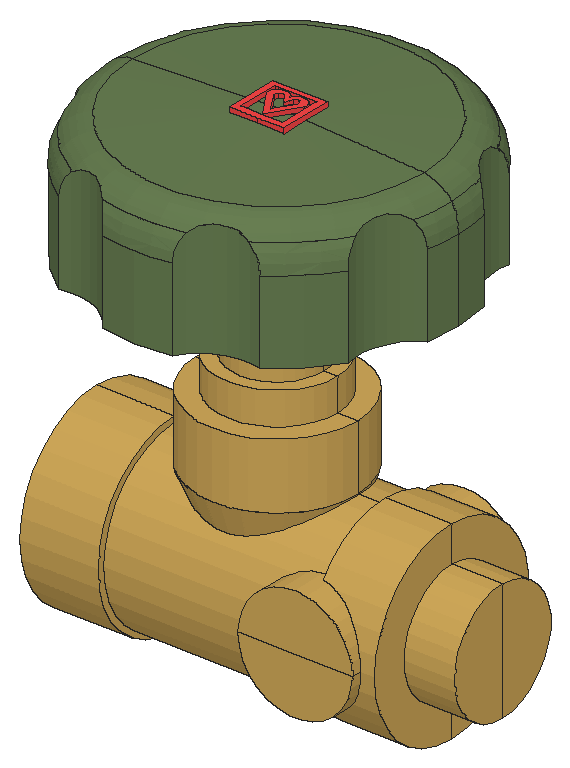
Revit family "Absperrventil 4215 W IG-AG", category Rohrzubehör, Revit 2018
Family settings
  Bemaßung runder Anschluss = Durchmesser verwenden
  Teiletyp = Unterbricht
  OmniClass-Nummer = 23.65.55.14
  OmniClass-Titel = Valves for Liquid Services
  Arbeitsebenenbasiert = Nein
  Immer vertikal = Ja
  Beim Laden mit Abzugskörper schneiden = Nein
  Gemeinsam genutzt = Nein
Parameters
  URL = "www.herz-armaturen.at"
  T01 = 17.5 mm  # constant formula
  SC_NennweiteBerechnet = 0
  SC_Dimension = ""
  SCTWSEQ = "FW;SBT_TYP_FW=\"106\";2"
  SCTWCODE = "04;01;02"  # constant formula
  S03 = 60 mm  # constant formula
  S02 [instance] = H01 + H02 + H03  # 46 mm
  S01 [instance] = R01 * 2  # 32 mm
  R09 [instance] = Nennweite Aus / 2  # 10 mm
  R08 [instance] = size_lookup("4215W_", "R8", 9.5 mm, Nennweite)  # 9.5 mm
  R07 = 3 mm  # constant formula
  R06 [instance] = size_lookup("4215W_", "R6", 7.8 mm, Nennweite)  # 7.8 mm
  R05 [instance] = size_lookup("4215W_", "R5", 10.1 mm, Nennweite)  # 10.1 mm
  R04 [instance] = size_lookup("4215W_", "R4", 13.5 mm, Nennweite)  # 13.5 mm
  R03 = 15 mm  # constant formula
  R02 [instance] = Nennweite / 2  # 7.5 mm
  R01 = 16 mm  # constant formula
  Nennweite Aus [instance] = 20 mm  # constant formula
  Nennweite [instance] = 15 mm  # constant formula
  Min. Durchfluss bei Dp 10 kPa [instance] = if(Nennweite = 15 mm, 0.2, if(Nennweite = 20 mm, 0.4, if(Nennweite = 25 mm, 0.7, if(Nennweite = 32 mm, 1.2, if(Nennweite = 40 mm, 1.6, if(Nennweite = 50 mm, 2.7, 0))))))  # 0.2
  Medium = "Trinkwasser"  # constant formula
  Max. Differenzdruck auf geschlossenen Sitz = 1000000.0 Pa  # constant formula
  Max. Betriebstemperatur = 90 °C  # constant formula
  Max. Betriebsdruck = 1000000.0 Pa  # constant formula
  L06 = 18 mm  # constant formula
  L05 = 8.5 mm  # constant formula
  L04 = 37.5 mm  # constant formula
  L03 = 17 mm  # constant formula
  L02 = 12 mm  # constant formula
  L01 = 13 mm  # constant formula
  L00 = 30 mm  # constant formula
  Hinweis = "Gemäß Art 33 der REACH-Verordnung (EG Nr. 1907/2006) sind wir verpflichtet, darauf hinzuweisen, dass der Stoff Blei auf der SVHC-Liste geführt wird und dass alle aus Messing bestehenden Bauteile, die in unseren Erzeugnissen verarbeitet sind, mehr als 0,1 % (w/w) Blei (CAS: 7439-92-1 / EINECS: 231-100-4) enthalten.\r\nDa Blei als Legierungsbestandteil fest gebunden ist, sind keine Expositionen zu erwarten und daher sind keine zusätzlichen Angaben zur sicheren Verwendung notwendig."
  Hersteller = "HERZ Armaturen Ges.m.b.H"  # constant formula
  Handrad = "Kunststoff, grün"  # constant formula
  H04 = 21 mm  # constant formula
  H03 = 14.6 mm  # constant formula
  H02 = 5.4 mm  # constant formula
  H01 = 26 mm  # constant formula
  H00 [instance] = H01 + H02 + H03  # 46 mm
  Gehäuse = "entzinkungsbeständiges Messing nach EN1982"  # constant formula
  O-Ringe = "EPDM"  # constant formula
  Bestellnummer = 2412561  # constant formula
  Anwendungsgebiet = "Zum Absperren von Trinkwasserleitungen und -anlagen in Gebäuden"
Reference planes
  plane 1 "Mitte (Vorne/hinten)": y = 0
  plane 2: z = 0
  plane 3 "Mitte (Links/rechts)": x = 0
Forms (mm)
  Revolve 1, solid, material "Messing, weicher Gelbton, geschweißt", detail levels fine
    sketch origin (470, 0, 0) x (1, 0, 0) y (0, 0, 1)
      loop
        line (-500, 7.5) -> (-488, 7.5) -> (-488, 0) -> (-432.5, 0) -> (-432.5, 10) -> (-441, 10) -> (-441, 16) -> (-452, 16) -> (-452, 15) -> (-487, 15) -> (-487, 16) -> (-500, 16) -> (-500, 7.5)
      axis (-500, 0) -> (-432.5, 0)
    angle from 0 to 360
  Revolve 2, solid, material "Messing, weicher Gelbton, geschweißt", detail levels fine
    sketch origin (0, 0, 0) x (1, 0, 0) y (0, 0, 1)
      loop
        line (0, 0) -> (0, 46) -> (-7.8, 46) -> (-7.8, 31.4) -> (-10.1, 31.4) -> (-10.1, 26) -> (-13.5, 26) -> (-13.5, 15) -> (-7.5, 0) -> (0, 0)
      axis (0, 46) -> (0, 0)
    angle from 0 to 360
  Revolve 3, solid, material "Messing, weicher Gelbton, geschweißt", detail levels fine
    sketch origin (0, 0, 0) x (1, 0, 0) y (0, 1, 0)
      loop
        line (17, -17.5) -> (26.5, -17.5) -> (26.5, -7.5) -> (20, -7.5) -> (20, 7.5) -> (26.5, 7.5) -> (26.5, 17.5) -> (17, 17.5) -> (17, -17.5)
      axis (17, 17.5) -> (17, -17.5)
    angle from 0 to 360
Lines and regions (mm)
  model lines, detail levels coarse+medium
    curve 1: line (-30, 0, 16) -> (-30, 0, -16)
    curve 2: line (-30, 0, -16) -> (37.5, 0, 16)
    curve 3: line (37.5, 0, 16) -> (37.5, 0, -16)
    curve 4: line (37.5, 0, -16) -> (-30, 0, 16)
    curve 5: line (3.75, 0, 0) -> (3.75, 0, 46)
    curve 6: line (-26.25, 0, 46) -> (33.75, 0, 46)
    curve 7: line (-30, -16, 0) -> (-30, 16, 0)
    curve 8: line (-30, 16, 0) -> (37.5, -16, 0)
    curve 9: line (37.5, -16, 0) -> (37.5, 16, 0)
    curve 10: line (37.5, 16, 0) -> (-30, -16, 0)
    curve 11: line (3.75, 0, 0) -> (3.75, 46, 0)
    curve 12: line (-26.25, 46, 0) -> (33.75, 46, 0)
Dimensions and locks
  "R01": Revolve 1 sketch curve to Revolve 1 sketch curve  (x2)
  "R02": Revolve 1 sketch curve to Revolve 1 sketch curve
  "L01": Revolve 1 sketch curve to Revolve 1 sketch curve
  "L02": Revolve 1 sketch curve to Revolve 1 sketch curve
  "R03": Revolve 1 sketch curve to Revolve 1 sketch curve
  "R03": Revolve 2 sketch curve to Revolve 2 sketch curve
  "R02": Revolve 2 sketch curve to Revolve 2 sketch curve
  "R04": Revolve 2 sketch curve to Revolve 2 sketch curve
  "R05": Revolve 2 sketch curve to Revolve 2 sketch curve
  "R06": Revolve 2 sketch curve to Revolve 2 sketch curve
  "H01": Revolve 2 sketch curve to plane 2
  "T01": Revolve 3 sketch curve to plane 1 "Mitte (Vorne/hinten)" to Revolve 3 sketch curve
  "R02": Revolve 3 sketch curve to plane 1 "Mitte (Vorne/hinten)"
  "R02": plane 1 "Mitte (Vorne/hinten)" to Revolve 3 sketch curve
  "R07": Revolve 3 sketch curve to Revolve 3 sketch curve
  "R08": Revolve 3 sketch curve to Revolve 3 sketch curve
  "H02": Revolve 2 sketch curve to Revolve 2 sketch curve
  "H03": Revolve 2 sketch curve to Revolve 2 sketch curve
  "L00": plane 3 "Mitte (Links/rechts)" to Revolve 1 sketch curve
  "L04": Revolve 1 sketch curve to plane 3 "Mitte (Links/rechts)"
  "R09": Revolve 1 sketch curve to Revolve 1 sketch curve
  "L03": plane 3 "Mitte (Links/rechts)" to Revolve 3 sketch curve
  "L05": Revolve 1 sketch curve to Revolve 1 sketch curve
  "L06": Revolve 1 sketch curve to plane 3 "Mitte (Links/rechts)"
  "H00": nested 1 to plane 2
  "H04": nested 2 to Revolve 2
  equal spacing: curve 3, plane 2, curve 4
  "S01": curve 3 to curve 4
  equal spacing: curve 4, plane 2, curve 2
  "S01": curve 2 to curve 4
  "L00": curve 1 to plane 3 "Mitte (Links/rechts)"
  "L04": plane 3 "Mitte (Links/rechts)" to curve 3
  equal spacing: Revolve 1, curve 5, curve 3
  "S02": curve 5 to plane 2
  equal spacing: curve 6, curve 5, curve 6
  "S03": curve 6 to curve 6
  equal spacing: curve 10, plane 1 "Mitte (Vorne/hinten)", curve 8
  equal spacing: curve 9, plane 1 "Mitte (Vorne/hinten)", curve 10
  "S01": curve 8 to curve 7
  "S01": curve 10 to curve 9
  "L04": plane 3 "Mitte (Links/rechts)" to curve 9
  "L00": curve 7 to plane 3 "Mitte (Links/rechts)"
  equal spacing: curve 12, curve 11, curve 12
  equal spacing: curve 7, curve 11, curve 9
  "S03": curve 12 to curve 12
  "S02": plane 1 "Mitte (Vorne/hinten)" to curve 11
  aligned and locked: level to plane 2
Automatic sketch dimensions
  Revolve 1 sketch curve to level = 0 mm  (x2)
  Revolve 1 sketch curve to Revolve 1 sketch curve = 791.99 mm
  Revolve 1 sketch curve to Revolve 1 sketch curve = 2278.983 mm
  Revolve 2 sketch curve to level = 0 mm
  Revolve 2 sketch curve to plane 3 "Mitte (Links/rechts)" = 0 mm  (x2)
  Revolve 2 sketch curve to level = 366.045 mm
  Revolve 2 sketch curve to Revolve 2 sketch curve = 2165.278 mm
  Revolve 3 sketch curve to Revolve 3 sketch curve = 9.5 mm
  Revolve 3 sketch curve to Revolve 3 sketch curve = 0 mm
  Revolve 3 sketch curve to Revolve 3 sketch curve = 4.553 mm
  Revolve 3 sketch curve to Revolve 3 sketch curve = 3.768 mm
Nested families
  nested 1: "Strömax-Handrad (Grün)" at (0.258, 0, 46), type "Strömax-Handrad (Grün)", detail levels fine
    with Nennweite 0 mm, Gewicht 0.00 kg, Bestellnummer 0
  nested 2: "Herz-Logo" at (0.258, 0, 67), type "Herz-Logo", detail levels fine
Connectors
  piping at (-18, 0, 0), diameter 15, driven by "Nennweite"
    settings: on Revolve 1, index 1, connector inside diameter 609.6 mm, connector length 0 mm, flow factor 0, pipe flow 0.0 L/s, pressure drop 0.0 Pa, fitting loss kfactor 0, connector angle 0.00°, fixture units 0, engagement length 0 mm, angle of deflection 0.00°, flow configuration 0, flow direction 1, fitting loss method 0, system type 29, joint type 0, gender type 0, connector reference index -1, connector utility 0, adjustable connector no, is connector primary yes, connector description ""
  piping at (37.5, 0, 0), diameter 20, driven by "Nennweite Aus"
    settings: on Revolve 1, index 2, connector inside diameter 609.6 mm, connector length 0 mm, flow factor 0, pipe flow 0.0 L/s, pressure drop 0.0 Pa, fitting loss kfactor 0, connector angle 0.00°, fixture units 0, engagement length 0 mm, angle of deflection 0.00°, flow configuration 0, flow direction 2, fitting loss method 0, system type 29, joint type 0, gender type 0, connector reference index -1, connector utility 0, adjustable connector no, is connector primary no, connector description ""
Definition of nested family "Strömax-Handrad (Grün)"
  Parameters (values of type "Strömax-Handrad (Grün)")
    URL = "www.herz-armaturen.at"
    Nennweite [instance] = 0 mm
    Manufacturer = "Herz Armaturen GmbH"  # constant formula
    Gewicht [instance] = 0.00 kg
    Bestellnummer [instance] = 0
  Reference planes
    plane 1 "Mitte (Vorne/hinten)": y = 0
    plane 2: z = 0
    plane 3 "Mitte (Links/rechts)": x = 0
  Forms (mm)
    Revolve 1, solid
      sketch origin (0, 0, 0) x (1, 0, 0) y (0, 0, 1)
        loop
          line (0, 0) -> (0, 22)
          arc (0, 22) -> (-12.15, 21.705) -> (-24.271, 20.819) r 250
          arc (-24.271, 20.819) -> (-26.831, 19.959) -> (-28.754, 18.063) r 6
          arc (-28.754, 18.063) -> (-29.682, 16.008) -> (-30, 13.776) r 8
          line (-30, 13.776) -> (-30, 0) -> (0, 0)
        axis (0, 22) -> (0, 0)
      angle from 0 to 360
    Extrusion 2, void
      sketch origin (0, 0, 0) x (1, 0, 0) y (0, 1, 0)
        loop
          circle (14.351, -34.645) r 10
      from 0 to 22
    Extrusion 3, void
      sketch origin (0, 0, 0) x (-1, 0, 0) y (0, -1, 0)
        loop
          circle (14.351, 34.645) r 10
      from 0 to 22
    Extrusion 4, void
      sketch origin (0, 0, 0) x (0, -1, 0) y (1, 0, 0)
        loop
          circle (14.351, 34.645) r 10
      from 0 to 22
    Extrusion 5, void
      sketch origin (0, 0, 0) x (0, 1, 0) y (-1, 0, 0)
        loop
          circle (14.351, -34.645) r 10
      from 0 to 22
    Extrusion 6, void
      sketch origin (0, 0, 0) x (0, -1, 0) y (1, 0, 0)
        loop
          circle (14.351, -34.645) r 10
      from 0 to 22
    Extrusion 7, void
      sketch origin (0, 0, 0) x (0, 1, 0) y (-1, 0, 0)
        loop
          circle (14.351, 34.645) r 10
      from 0 to 22
    Extrusion 8, void
      sketch origin (0, 0, 0) x (1, 0, 0) y (0, 1, 0)
        loop
          circle (14.351, 34.645) r 10
      from 0 to 22
    Extrusion 9, void
      sketch origin (0, 0, 0) x (-1, 0, 0) y (0, -1, 0)
        loop
          circle (14.351, -34.645) r 10
      from 0 to 22
  Cuts and joins
    Extrusion 2, Extrusion 3, Extrusion 4, Extrusion 5, Extrusion 6, Extrusion 7, Extrusion 8, Extrusion 9 cuts Revolve 1
  Dimensions and locks
    aligned and locked: level to plane 2
Definition of nested family "Herz-Logo"
  Reference planes
    plane 1 "Mitte (Vorne/hinten)": y = 0
    plane 2: z = 0
    plane 3 "Mitte (Links/rechts)": x = 0
  Forms (mm)
    Extrusion 1, solid
      sketch origin (0, 0, 0) x (1, 0, 0) y (0, 1, 0)
        loop
          line (-0.018, -4.517) -> (4.482, -4.517) -> (4.482, 4.483) -> (-4.518, 4.483) -> (-4.518, -4.517) -> (-0.018, -4.517)
        loop
          line (-0.05, -3.48) -> (3.482, -3.48) -> (3.482, 3.483) -> (-3.518, 3.483) -> (-3.518, -3.48) -> (-0.05, -3.48)
        loop
          arc (-0.018, 2.383) -> (-1.543, 3.287) -> (-3.067, 2.383) r 1.738
          arc (-3.067, 2.383) -> (-3.191, 1.899) -> (-3.067, 1.415) r 1.009
          line (-3.067, 1.415) -> (-0.018, -3.281) -> (3.032, 1.415)
          arc (3.032, 1.415) -> (3.156, 1.899) -> (3.032, 2.383) r 1.009
          arc (3.032, 2.383) -> (1.507, 3.287) -> (-0.018, 2.383) r 1.738
        loop
          arc (1.885, 1.272) -> (2.005, 1.675) -> (1.885, 2.079) r 0.74
          arc (1.885, 2.079) -> (1.265, 2.416) -> (0.644, 2.079) r 0.74
          line (0.644, 2.079) -> (-0.018, 0.97) -> (-0.679, 2.079)
          arc (-0.679, 2.079) -> (-1.3, 2.416) -> (-1.921, 2.079) r 0.74
          arc (-1.921, 2.079) -> (-2.04, 1.675) -> (-1.921, 1.272) r 0.74
          line (-1.921, 1.272) -> (-0.018, -1.658) -> (1.885, 1.272)
      from 0 to 1.5
  Dimensions and locks
    aligned and locked: level to plane 2
